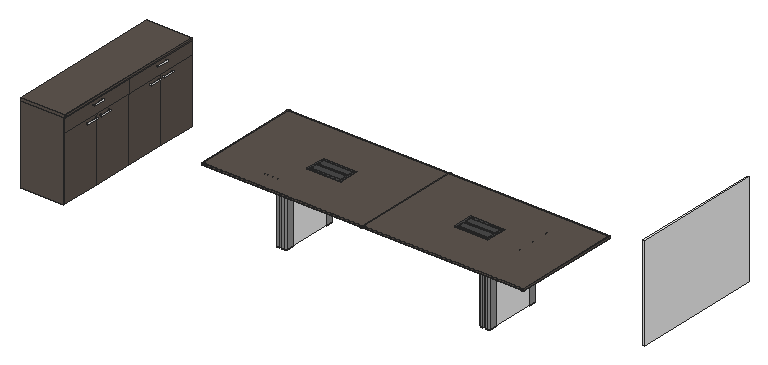
Revit family "T400150", category Furniture, Revit 2018
Family settings
  OmniClass Number = 23.40.20.00
  OmniClass Title = General Furniture and Specialties
  Work Plane-Based = No
  Always vertical = Yes
  Cut with Voids When Loaded = No
  Shared = No
  Room Calculation Point = No
Reference planes (in)
  plane 1 "Center Front/Back": y = 0
  plane 2: z = 0
  plane 3 "Center Left/Right": x = 0
Dimensions and locks (in)
  aligned and locked: level to plane 2
Nested families (in)
  nested 1: "FIRST OFFICE-INTERMIX-ELECTRICAL-POWER-SUPPLY_PS-37_PS-38" at (-39.16472, -20.00035, 0), type "FIRST OFFICE-INTERMIX-ELECTRICAL-PWR-SUPPLY_PS-37"
  nested 2: "FIRST OFFICE_INTERMIX_BUFFET_CREDENZA_CC-_7136BCC" at (-133.625, -0.62331, 0) x (0, 1, 0) z (0, 0, 1), type "INTERMIX-BUFFET-CREDENZA_CC-W7136BCC"
  nested 3: "FIRST OFFICE_INTERMIX_MEDIA_PANEL_WALLMOUNT_CC-_42__MP" at (130.375, -0.375, 0) x (0, -1, 0) z (0, 0, 1), type "INTERMIX-MEDIA-PANEL_CC-M4258MP"
  nested 4: "FIRST OFFICE_INTERMIX_BASES_METAL-END-CAP-PEDESTAL" at (0, -9.625, 0), type "INTERMIX-BASES-METAL END CAP PEDESTAL_CC-M10429PBTK"
  nested 5: "FIRST OFFICE_INTERMIX_TOPS_RECTANGULAR" at (0, 0, 0), type "INTERMIX-TOP-RECTANGULAR_CC-P14448RT"
  nested 6: "FIRST OFFICE-INTERMIX-ELECTRICAL-POWER-SUPPLY_PS-37_PS-38" at (39.16472, -20.00035, 0) x (-1, 0, 0) z (0, 0, 1), type "FIRST OFFICE-INTERMIX-ELECTRICAL-PWR-SUPPLY_PS-37"
Definition of nested family "FIRST OFFICE-INTERMIX-ELECTRICAL-POWER-SUPPLY_PS-37_PS-38"
  Parameters (values of type "FIRST OFFICE-INTERMIX-ELECTRICAL-PWR-SUPPLY_PS-38")
    URL = "http://www.firstoffice.com/products/tables/intermix"
    PS FINISH = none
    Model = ""
    Manufacturer = "FIRST OFFICE-INTERMIX"
    MODEL NUMBER = "PS-38"
    MANUFACTURERS' CODE = "FOF"
    ENVIRONMENTAL = "http://www.firstoffice.com/company/environment/"
    Description = "POWER SUPPLY NICKLE PS-38"
    CATALOG CODE = "FOF"
    Assembly Code = ""
  Types (2): name | MODEL NUMBER | Description
    FIRST OFFICE-INTERMIX-ELECTRICAL-PWR-SUPPLY_PS-38 | "PS-38" | "POWER SUPPLY NICKLE PS-38"
    FIRST OFFICE-INTERMIX-ELECTRICAL-PWR-SUPPLY_PS-37 | "PS-37" | "POWER SUPPLY BLACK PS-37"
  Reference planes (in)
    plane 1: z = 0
    plane 2 "Center Left/Right": x = 6.16472
    plane 3 "BACK": y = 20.00035
    plane 4 "SURFACE": z = 30
    plane 5: z = 30.125
  Forms (in)
    Extrusion 1, solid, material <- "PS FINISH"
      sketch origin (0, 0, 30) x (-1, 0, 0) y (0, -1, 0)
        loop
          line (1.33528, -15.50035) -> (-13.66472, -15.50035) -> (-13.66472, -24.50035) -> (1.33528, -24.50035) -> (1.33528, -15.50035)
        loop
          line (0.58528, -23.75035) -> (0.58528, -16.25035) -> (-12.91472, -16.25035) -> (-12.91472, -23.75035) -> (0.58528, -23.75035)
      from 0 to 0.125
    Extrusion 2, solid, material <- "PS FINISH"
      sketch origin (0, 0, 30) x (-1, 0, 0) y (0, -1, 0)
        loop
          line (0.58528, -23.75035) -> (0.58528, -16.25035) -> (-12.91472, -16.25035) -> (-12.91472, -23.75035) -> (0.58528, -23.75035)
      from 0 to 0.04
    Extrusion 3, solid, material <- "PS FINISH"
      sketch origin (0, 0, 30) x (-1, 0, 0) y (0, -1, 0)
        loop
          line (0.50604, -23.62815) -> (0.50604, -20.39492) -> (-12.77291, -20.39492) -> (-12.77291, -23.62815) -> (0.50604, -23.62815)
        loop
          line (0.50604, -16.37255) -> (-12.77291, -16.37255) -> (-12.77291, -19.60578) -> (0.50604, -19.60578) -> (0.50604, -16.37255)
      from 0.04 to 0.125
  Cuts and joins
    joined: Extrusion 1, Extrusion 2
  Lines and regions (in)
    Masking region 1
      outline origin (0, 0, 0) x (1, 0, 0) y (0, 1, 0)
        loop
          line (-1.33528, 24.50035) -> (-1.33528, 15.50035) -> (13.66472, 15.50035) -> (13.66472, 24.50035) -> (-1.33528, 24.50035)
    Masking region 2
      outline origin (0, 0, 0) x (1, 0, 0) y (0, 1, 0)
        loop
          line (-0.58528, 23.75035) -> (-0.58528, 16.25035) -> (12.91472, 16.25035) -> (12.91472, 23.75035) -> (-0.58528, 23.75035)
    Masking region 3
      outline origin (0, 0, 0) x (1, 0, 0) y (0, 1, 0)
        loop
          line (-0.50604, 23.62815) -> (-0.50604, 20.39492) -> (12.77291, 20.39492) -> (12.77291, 23.62815) -> (-0.50604, 23.62815)
        loop
          line (-0.50604, 16.37255) -> (12.77291, 16.37255) -> (12.77291, 19.60578) -> (-0.50604, 19.60578) -> (-0.50604, 16.37255)
  Dimensions and locks (in)
    aligned and locked: level to plane 1
    aligned and locked: Extrusion 1 to plane 5
    aligned and locked: Extrusion 3 to Extrusion 2
Definition of nested family "FIRST OFFICE_INTERMIX_BUFFET_CREDENZA_CC-_7136BCC"
  Parameters (values of type "INTERMIX-BUFFET-CREDENZA_CC-M7136BCC")
    URL = "http://www.firstoffice.com/products/tables/intermix"
    PULL = none
    CREDENZA WIDTH = 5' - 11"
    CREDENZA HEIGHT = 3' - 0"
    TOP CORE = none
    CREDENZA DEPTH = 1' - 8"
    DOORS = none
    DRAWERS = none
    Manufacturer = "FIRST OFFICE-INTERMIX"
    MODEL NUMBER = "CC-M7136BCC"
    MANUFACTURERS' CODE = "FOF"
    ENVIRONMENTAL = "http://www.firstoffice.com/company/environment/"
    END PNL = none
    EDGE SHAPE = none
    Description = "BUFFET CREDENZA 71\""
    CATALOG CODE = "FOF"
    BACK PNL = none
  Types (3): name | MODEL NUMBER
    (no name) | "CC-M7136BCC"
    INTERMIX-BUFFET-CREDENZA_CC-M7136BCC | "CC-M7136BCC"
    INTERMIX-BUFFET-CREDENZA_CC-W7136BCC | "CC-W7136BCC"
  Reference planes (in)
    plane 1 "Center Front/Back": y = 0
    plane 2: z = 0
    plane 3 "Center Left/Right": x = 0
    plane 4 "LEFT": x = -35.5
    plane 5 "RIGHT": x = 35.5
    plane 6 "SURFACE TOP": z = 36
    plane 7 "BASE HEIGHT": z = 34.875
    plane 8 "BACK": y = 10
    plane 9 "FRONT": y = -10
    plane 10: x = -34.75
    plane 11: x = 34.75
    plane 12: y = -9.25
    plane 13: y = 9.937
    plane 14: y = -9.1875
    plane 15: x = -0.0623
    plane 16: x = 0.0623
    plane 17: x = -35.4377
    plane 18: x = 35.4377
    plane 19: z = 29.062
    plane 20: z = 0.4375
    plane 21: x = -17.75
    plane 22: x = 17.75
    plane 23: x = -17.687
    plane 24: x = 17.78185
    plane 25: x = 17.65585
    plane 26: x = -17.813
    plane 27: z = 34.75
    plane 28: z = 29.187
    plane 29: z = 34
    plane 30: z = 33.5
    plane 31: z = 28.312
    plane 32: z = 27.812
  Forms (in)
    Extrusion 1, solid, material <- "TOP CORE"
      sketch origin (0, 0, 34.875) x (0, 1, 0) y (-1, 0, 0)
        loop
          line (10, 35.5) -> (-9.875, 35.5) -> (-9.875, -35.5) -> (10, -35.5) -> (10, 35.5)
      from 0 to 1.125
    Extrusion 2, solid, material <- "END PNL"
      sketch origin (0, 0, 0) x (1, 0, 0) y (0, 0, 1)
        loop
          line (-34.75, 34.875) -> (-35.5, 34.875) -> (-35.5, 0) -> (-34.75, 0) -> (-34.75, 34.875)
      from -10 to 9.25
    Extrusion 3, solid, material <- "END PNL"
      sketch origin (0, 0, 0) x (-1, 0, 0) y (0, 0, -1)
        loop
          line (-34.75, -34.875) -> (-34.75, 0) -> (-35.5, 0) -> (-35.5, -34.875) -> (-34.75, -34.875)
      from -10 to 9.25
    Extrusion 4, solid, material <- "BACK PNL"
      sketch origin (0, 24.86229, 0) x (0, -1, 0) y (0, 0, -1)
        loop
          line (15.67529, -34.875) -> (15.67529, 0) -> (14.92529, 0) -> (14.92529, -34.875) -> (15.67529, -34.875)
      from -34.75 to 34.75
    Extrusion 5, solid, material <- "BACK PNL"
      sketch origin (0, 0, 0) x (0, 1, 0) y (0, 0, 1)
        loop
          line (-9.1875, 0) -> (-8.4375, 0) -> (-8.4375, 1.5) -> (-9.1875, 1.5) -> (-9.1875, 0)
      from -34.75 to 34.75
    Extrusion 6, solid, material <- "END PNL"
      sketch origin (0, 0, -0.563) x (0, 1, 0) y (0, 0, 1)
        loop
          line (-9.25, 2.813) -> (-9.25, 2.063) -> (9.187, 2.063) -> (9.187, 2.813) -> (-9.25, 2.813)
      from -34.75 to 34.75
    Extrusion 7, solid, material <- "END PNL"
      sketch origin (0, 0, 24.75) x (0, 1, 0) y (0, 0, 1)
        loop
          line (-9.1875, 4.687) -> (-9.1875, 3.937) -> (9.187, 3.937) -> (9.187, 4.687) -> (-9.1875, 4.687)
      from -34.75 to -0.375
    Extrusion 8, solid, material <- "DOORS"
      sketch origin (0, 0, 0) x (1, 0, 0) y (0, 1, 0)
        loop
          line (-17.687, -9.25) -> (-17.687, -10) -> (-0.0623, -10) -> (-0.0623, -9.25) -> (-17.687, -9.25)
        loop
          line (17.65585, -9.25) -> (0.0623, -9.25) -> (0.0623, -10) -> (17.65585, -10) -> (17.65585, -9.25)
        loop
          line (-17.813, -9.25) -> (-35.4377, -9.25) -> (-35.4377, -10) -> (-17.813, -10) -> (-17.813, -9.25)
        loop
          line (17.78185, -9.25) -> (17.78185, -10) -> (35.4377, -10) -> (35.4377, -9.25) -> (17.78185, -9.25)
      from 0.4375 to 29.062
    Extrusion 9, solid, material <- "EDGE SHAPE"
      sketch origin (0, 0, 0) x (0, 1, 0) y (0, 0, 1)
        loop
          arc (-9.875, 36) -> (-9.96339, 35.96339) -> (-10, 35.875) r 0.125
          line (-10, 35.875) -> (-10, 35)
          arc (-10, 35) -> (-9.96339, 34.91161) -> (-9.875, 34.875) r 0.125
          line (-9.875, 34.875) -> (-9.875, 36)
      from -35.5 to 35.5
    Extrusion 10, solid, material <- "DRAWERS"
      sketch origin (0, 0, 34.875) x (0, 1, 0) y (-1, 0, 0)
        loop
          line (-9.25, 35.4377) -> (-10, 35.4377) -> (-10, 0.0623) -> (-9.25, 0.0623) -> (-9.25, 35.4377)
        loop
          line (-9.25, -35.4377) -> (-9.25, -0.0623) -> (-10, -0.0623) -> (-10, -35.4377) -> (-9.25, -35.4377)
      from -5.688 to -0.125
    Extrusion 11, solid, material <- "PULL"
      sketch origin (0, 0, 34.875) x (0, 1, 0) y (-1, 0, 0)
        loop
          line (-10, 15.125) -> (-10, 15.375) -> (-11, 15.375) -> (-11, 20.125) -> (-10, 20.125) -> (-10, 20.375) -> (-11.25, 20.375) -> (-11.25, 15.125) -> (-10, 15.125)
      from -1.375 to -0.875
    Extrusion 12, solid, material <- "PULL"
      sketch origin (-3.688, 0, 29.187) x (0, 1, 0) y (-1, 0, 0)
        loop
          line (-10, 15.125) -> (-10, 15.375) -> (-11, 15.375) -> (-11, 20.125) -> (-10, 20.125) -> (-10, 20.375) -> (-11.25, 20.375) -> (-11.25, 15.125) -> (-10, 15.125)
      from -1.375 to -0.875
    Extrusion 13, solid, material <- "PULL"
      sketch origin (0, 0, 34.875) x (0, 1, 0) y (-1, 0, 0)
        loop
          line (-10, -15.125) -> (-11.25, -15.125) -> (-11.25, -20.375) -> (-10, -20.375) -> (-10, -20.125) -> (-11, -20.125) -> (-11, -15.375) -> (-10, -15.375) -> (-10, -15.125)
      from -1.375 to -0.875
    Extrusion 14, solid, material <- "PULL"
      sketch origin (-31.812, 0, 29.187) x (0, 1, 0) y (-1, 0, 0)
        loop
          line (-10, -15.125) -> (-11.25, -15.125) -> (-11.25, -20.375) -> (-10, -20.375) -> (-10, -20.125) -> (-11, -20.125) -> (-11, -15.375) -> (-10, -15.375) -> (-10, -15.125)
      from -1.375 to -0.875
    Extrusion 15, solid, material <- "PULL"
      sketch origin (3.688, 0, 29.187) x (0, 1, 0) y (-1, 0, 0)
        loop
          line (-10, -15.125) -> (-11.25, -15.125) -> (-11.25, -20.375) -> (-10, -20.375) -> (-10, -20.125) -> (-11, -20.125) -> (-11, -15.375) -> (-10, -15.375) -> (-10, -15.125)
      from -1.375 to -0.875
    Extrusion 16, solid, material <- "PULL"
      sketch origin (31.812, 0, 29.187) x (0, 1, 0) y (-1, 0, 0)
        loop
          line (-10, 15.125) -> (-10, 15.375) -> (-11, 15.375) -> (-11, 20.125) -> (-10, 20.125) -> (-10, 20.375) -> (-11.25, 20.375) -> (-11.25, 15.125) -> (-10, 15.125)
      from -1.375 to -0.875
    Extrusion 17, solid, material <- "END PNL"
      sketch origin (0, 0, 0) x (1, 0, 0) y (0, 1, 0)
        loop
          line (-0.375, -9.1875) -> (0.375, -9.1875) -> (0.375, 9.187) -> (-0.375, 9.187) -> (-0.375, -9.1875)
      from 1.5 to 34.875
    Extrusion 18, solid, material <- "END PNL"
      sketch origin (0, 0, 24.75) x (0, 1, 0) y (0, 0, -1)
        loop
          line (-9.1875, -4.687) -> (9.187, -4.687) -> (9.187, -3.937) -> (-9.1875, -3.937) -> (-9.1875, -4.687)
      from -34.75 to -0.375
  Lines and regions (in)
    Masking region 1
      outline origin (0, 0, 0) x (1, 0, 0) y (0, 1, 0)
        loop
          line (-35.50169, 10.00168) -> (-35.50169, -10) -> (35.49831, -10) -> (35.49831, 10.00168) -> (-35.50169, 10.00168)
    Masking region 2
      outline origin (0, 0, 0) x (1, 0, 0) y (0, 1, 0)
        loop
          line (-20.375, -10) -> (-20.375, -11.25) -> (-15.125, -11.25) -> (-15.125, -10) -> (-15.375, -10) -> (-15.375, -11) -> (-20.125, -11) -> (-20.125, -10) -> (-20.375, -10)
    Masking region 3
      outline origin (0, 0, 0) x (1, 0, 0) y (0, 1, 0)
        loop
          line (-20.375, -11) -> (-23.813, -11) -> (-23.813, -10) -> (-24.063, -10) -> (-24.063, -11.25) -> (-20.375, -11.25) -> (-20.375, -11)
        loop
          line (-18.813, -10) -> (-19.063, -10) -> (-19.063, -11) -> (-18.813, -11) -> (-18.813, -10)
        loop
          line (-15.125, -11) -> (-15.125, -11.25) -> (-11.437, -11.25) -> (-11.437, -10) -> (-11.687, -10) -> (-11.687, -11) -> (-15.125, -11)
        loop
          line (-16.687, -10) -> (-16.687, -11) -> (-16.437, -11) -> (-16.437, -10) -> (-16.687, -10)
    Masking region 4
      outline origin (0, 0, 0) x (0, 1, 0) y (-1, 0, 0)
        loop
          line (-10, -20.375) -> (-10, -20.125) -> (-11, -20.125) -> (-11, -15.375) -> (-10, -15.375) -> (-10, -15.125) -> (-11.25, -15.125) -> (-11.25, -20.375) -> (-10, -20.375)
    Masking region 5
      outline origin (0, 0, 0) x (0, 1, 0) y (-1, 0, 0)
        loop
          line (-11, -20.375) -> (-11.25, -20.375) -> (-11.25, -24.063) -> (-10, -24.063) -> (-10, -23.813) -> (-11, -23.813) -> (-11, -20.375)
        loop
          line (-10, -18.813) -> (-11, -18.813) -> (-11, -19.063) -> (-10, -19.063) -> (-10, -18.813)
        loop
          line (-11, -15.125) -> (-11, -11.687) -> (-10, -11.687) -> (-10, -11.437) -> (-11.25, -11.437) -> (-11.25, -15.125) -> (-11, -15.125)
        loop
          line (-10, -16.687) -> (-10, -16.437) -> (-11, -16.437) -> (-11, -16.687) -> (-10, -16.687)
  Dimensions and locks (in)
    "CREDENZA WIDTH": plane 4 "LEFT" to plane 5 "RIGHT"
    equal spacing: plane 8 "BACK", plane 1 "Center Front/Back", plane 9 "FRONT"
    "CREDENZA HEIGHT": plane 6 "SURFACE TOP" to plane 2
    locked: Extrusion 4 sketch curve to Extrusion 4 sketch curve at 0.75
    locked: plane 6 "SURFACE TOP" to plane 7 "BASE HEIGHT" at 1.125
    locked: plane 4 "LEFT" to plane 10 at 0.75
    locked: plane 11 to plane 5 "RIGHT" at 0.75
    locked: plane 9 "FRONT" to plane 12 at 0.75
    locked: plane 8 "BACK" to plane 13 at 0.063
    "CREDENZA DEPTH": plane 8 "BACK" to plane 9 "FRONT"
    plane 15 to plane 3 "Center Left/Right" to plane 16 = 0' - 0.0623" locked, 0' - 0.0623" locked
    locked: plane 4 "LEFT" to plane 17 at 0.0623
    locked: plane 18 to plane 5 "RIGHT" at 0.0623
    locked: plane 14 to plane 12 at 0.0625
    locked: plane 20 to plane 2 at 0.4375
    locked: Extrusion 9 sketch curve to plane 9 "FRONT" at 0.125
    plane 26 to plane 21 to plane 23 = 0' - 0.063" locked, 0' - 0.063" locked
    plane 25 to plane 22 to plane 24 = 0' - 0.09415", 0' - 0.03185"
    equal spacing: plane 4 "LEFT", plane 21, plane 3 "Center Left/Right", plane 22, plane 5 "RIGHT"
    aligned and locked: Extrusion 1 to plane 7 "BASE HEIGHT"
    aligned and locked: plane 6 "SURFACE TOP" to Extrusion 1
    aligned and locked: plane 8 "BACK" to Extrusion 2
    aligned: plane 9 "FRONT" to Extrusion 2
    aligned and locked: plane 10 to Extrusion 2 sketch curve
    aligned and locked: Extrusion 2 sketch curve to plane 4 "LEFT"
    aligned and locked: Extrusion 3 sketch curve to plane 11
    aligned and locked: Extrusion 3 sketch curve to plane 5 "RIGHT"
    aligned and locked: Extrusion 4 sketch curve to plane 7 "BASE HEIGHT"
    aligned: plane 2 to Extrusion 4 sketch curve
    aligned: Extrusion 4 to plane 10
    aligned: Extrusion 4 to plane 11
    aligned: plane 12 to Extrusion 1
    aligned: plane 12 to Extrusion 3
    aligned: plane 12 to Extrusion 2
    aligned: plane 12 to Masking region 1
    aligned: plane 13 to Extrusion 4
    aligned and locked: plane 8 "BACK" to Extrusion 3
    aligned and locked: plane 14 to Extrusion 5 sketch curve
    aligned and locked: Extrusion 5 to plane 10
    aligned and locked: Extrusion 5 to plane 11
    aligned and locked: Extrusion 6 sketch curve to Extrusion 4
    aligned and locked: plane 12 to Extrusion 6 sketch curve
    aligned and locked: Extrusion 6 to plane 10
    aligned and locked: Extrusion 6 to plane 11
    aligned and locked: plane 15 to Extrusion 8 sketch curve
    aligned and locked: Extrusion 8 sketch curve to plane 16
    aligned and locked: plane 12 to Extrusion 8 sketch curve
    aligned and locked: Extrusion 8 sketch curve to plane 9 "FRONT"
    aligned and locked: Extrusion 8 sketch curve to plane 12
    aligned and locked: plane 9 "FRONT" to Extrusion 8 sketch curve
    aligned and locked: plane 19 to Extrusion 8
    aligned and locked: Extrusion 2 to plane 2
    aligned and locked: Extrusion 3 to plane 2
    aligned and locked: Extrusion 4 to plane 2
    aligned and locked: Extrusion 5 to plane 2
    aligned and locked: plane 20 to Extrusion 8
    aligned and locked: Extrusion 1 to Extrusion 9
    aligned and locked: Extrusion 9 to plane 4 "LEFT"
    aligned and locked: plane 5 "RIGHT" to Extrusion 9
    aligned: Extrusion 7 to plane 11
    aligned and locked: Extrusion 7 to plane 10
    aligned and locked: Extrusion 4 to plane 11
    aligned and locked: Extrusion 4 to plane 10
    aligned and locked: plane 17 to Extrusion 8 sketch curve
    aligned and locked: plane 26 to Extrusion 8 sketch curve
    aligned and locked: Extrusion 8 sketch curve to plane 23
    aligned and locked: Extrusion 8 sketch curve to plane 18
    aligned and locked: plane 24 to Extrusion 8 sketch curve
    aligned and locked: Extrusion 8 sketch curve to plane 25
    aligned and locked: plane 14 to Extrusion 7
    aligned and locked: plane 15 to Extrusion 10 sketch curve
    aligned and locked: Extrusion 10 sketch curve to plane 16
    aligned and locked: plane 18 to Extrusion 10 sketch curve
    aligned and locked: Extrusion 10 sketch curve to plane 17
    aligned and locked: Extrusion 10 to plane 28
    aligned and locked: plane 27 to Extrusion 10
    aligned and locked: plane 29 to Extrusion 11
    aligned and locked: plane 31 to Extrusion 12
    aligned and locked: Extrusion 17 to Extrusion 5
    aligned and locked: plane 9 "FRONT" to Masking region 1 sketch curve
    aligned and locked: plane 12 to Extrusion 3
    aligned and locked: plane 12 to Extrusion 2
  Automatic sketch dimensions
    Extrusion 1 sketch curve to plane 4 "LEFT" = 0' - 0"
    Extrusion 1 sketch curve to plane 5 "RIGHT" = 0' - 0"
    Extrusion 1 sketch curve to plane 8 "BACK" = 0' - 0"
    Extrusion 1 sketch curve to plane 9 "FRONT" = 0' - 0 1/8"
    Masking region 1 sketch curve to plane 4 "LEFT" = 0' - 0.00169"
    Masking region 1 sketch curve to plane 5 "RIGHT" = 0' - 0.00169"
    plane 8 "BACK" to Masking region 1 sketch curve = 0' - 0.00168"
    Extrusion 2 sketch curve to level = 0' - 0"
    Extrusion 2 sketch curve to plane 7 "BASE HEIGHT" = 0' - 0"
    Extrusion 3 sketch curve to level = 0' - 0"
    Extrusion 3 sketch curve to plane 7 "BASE HEIGHT" = 0' - 0"
    Extrusion 4 sketch curve to plane 13 = 0' - 0"
    Extrusion 5 sketch curve to level = 0' - 0"
    Extrusion 5 sketch curve to plane 14 = 0' - 0 3/4"
    plane 20 to Extrusion 5 sketch curve = 0' - 1 1/16"
    plane 20 to Extrusion 6 sketch curve = 0' - 1 1/16"
    Extrusion 6 sketch curve to Extrusion 6 sketch curve = 0' - 0 3/4"
    Extrusion 7 sketch curve to plane 14 = 0' - 0"
    Extrusion 7 sketch curve to plane 13 = 0' - 0 3/4"
    Extrusion 7 sketch curve to plane 19 = 0' - 0 3/8"
    plane 28 to Extrusion 7 sketch curve = 0' - 0 1/4"
    plane 9 "FRONT" to Extrusion 8 sketch curve = 0' - 0"  (x2)
    plane 12 to Extrusion 8 sketch curve = 0' - 0"  (x2)
    Extrusion 9 sketch curve to plane 9 "FRONT" = 0' - 0"
    Extrusion 9 sketch curve to plane 7 "BASE HEIGHT" = 0' - 0"
    Extrusion 9 sketch curve to plane 6 "SURFACE TOP" = 0' - 0"
    plane 9 "FRONT" to Extrusion 10 sketch curve = 0' - 0"  (x2)
    plane 12 to Extrusion 10 sketch curve = 0' - 0"  (x2)
    plane 9 "FRONT" to Extrusion 11 sketch curve = 0' - 0"  (x2)
    Extrusion 11 sketch curve to Extrusion 11 sketch curve = 0' - 1"
    Extrusion 11 sketch curve to Extrusion 11 sketch curve = 0' - 0 1/4"  (x3)
    plane 23 to Extrusion 11 sketch curve = 0' - 2.562"
    plane 26 to Extrusion 11 sketch curve = 0' - 2.312"
    plane 9 "FRONT" to Extrusion 12 sketch curve = 0' - 0"  (x2)
    Extrusion 12 sketch curve to Extrusion 12 sketch curve = 0' - 1"
    Extrusion 12 sketch curve to Extrusion 12 sketch curve = 0' - 0 1/4"  (x3)
    plane 26 to Extrusion 12 sketch curve = 0' - 1"
    Extrusion 12 sketch curve to Extrusion 12 sketch curve = 0' - 4 3/4"
    plane 9 "FRONT" to Extrusion 13 sketch curve = 0' - 0"  (x2)
    Extrusion 13 sketch curve to Extrusion 13 sketch curve = 0' - 1"
    Extrusion 13 sketch curve to Extrusion 13 sketch curve = 0' - 0 1/4"  (x3)
    Extrusion 13 sketch curve to plane 24 = 0' - 2.59315"
    Extrusion 13 sketch curve to plane 25 = 0' - 2.28085"
    plane 9 "FRONT" to Extrusion 14 sketch curve = 0' - 0"  (x2)
    Extrusion 14 sketch curve to Extrusion 14 sketch curve = 0' - 1"
    Extrusion 14 sketch curve to Extrusion 14 sketch curve = 0' - 0 1/4"  (x3)
    plane 23 to Extrusion 14 sketch curve = 0' - 6 1/4"
    plane 23 to Extrusion 14 sketch curve = 0' - 1 1/4"
    plane 9 "FRONT" to Extrusion 15 sketch curve = 0' - 0"  (x2)
    Extrusion 15 sketch curve to Extrusion 15 sketch curve = 0' - 1"
    Extrusion 15 sketch curve to Extrusion 15 sketch curve = 0' - 0 1/4"  (x3)
    Extrusion 15 sketch curve to plane 24 = 0' - 6.28115"
    Extrusion 15 sketch curve to plane 24 = 0' - 1.28115"
    plane 9 "FRONT" to Extrusion 16 sketch curve = 0' - 0"  (x2)
    Extrusion 16 sketch curve to Extrusion 16 sketch curve = 0' - 1"
    Extrusion 16 sketch curve to Extrusion 16 sketch curve = 0' - 0 1/4"  (x3)
    Extrusion 16 sketch curve to plane 25 = 0' - 0.96885"
    Extrusion 16 sketch curve to Extrusion 16 sketch curve = 0' - 4 3/4"
    plane 14 to Extrusion 17 sketch curve = 0' - 0"
    Extrusion 17 sketch curve to plane 15 = 0' - 0.3127"
    Extrusion 17 sketch curve to plane 16 = 0' - 0.3127"
    Extrusion 17 sketch curve to plane 13 = 0' - 0 3/4"
    Extrusion 18 sketch curve to plane 14 = 0' - 0"
    Extrusion 18 sketch curve to plane 13 = 0' - 0 3/4"
    plane 28 to Extrusion 18 sketch curve = 0' - 0 1/4"
    Extrusion 18 sketch curve to plane 19 = 0' - 0 3/8"
    plane 9 "FRONT" to Masking region 2 sketch curve = 0' - 0"  (x2)
    plane 26 to Masking region 2 sketch curve = 0' - 2.562"
    Masking region 2 sketch curve to Masking region 2 sketch curve = 0' - 0 1/4"  (x3)
    plane 9 "FRONT" to Masking region 2 sketch curve = 0' - 1"
    plane 23 to Masking region 2 sketch curve = 0' - 2.312"
    plane 9 "FRONT" to Masking region 3 sketch curve = 0' - 0"  (x4)
    plane 9 "FRONT" to Masking region 3 sketch curve = 0' - 1 1/4"
    plane 26 to Masking region 3 sketch curve = 0' - 6 1/4"
    Masking region 3 sketch curve to Masking region 3 sketch curve = 0' - 0 1/4"  (x5)
    plane 9 "FRONT" to Masking region 3 sketch curve = 0' - 1"  (x4)
    plane 26 to Masking region 3 sketch curve = 0' - 2.562"
    plane 26 to Masking region 3 sketch curve = 0' - 1 1/4"
    plane 23 to Masking region 3 sketch curve = 0' - 1"
    Masking region 3 sketch curve to Masking region 3 sketch curve = 0' - 1.312"
    Masking region 3 sketch curve to Masking region 3 sketch curve = 0' - 3.438"
    plane 9 "FRONT" to Masking region 4 sketch curve = 0' - 0"  (x2)
    plane 9 "FRONT" to Masking region 4 sketch curve = 0' - 1"
    Masking region 4 sketch curve to Masking region 4 sketch curve = 0' - 0 1/4"  (x3)
    Masking region 4 sketch curve to plane 24 = 0' - 2.59315"
    Masking region 4 sketch curve to plane 25 = 0' - 2.28085"
    plane 9 "FRONT" to Masking region 5 sketch curve = 0' - 0"  (x4)
    plane 9 "FRONT" to Masking region 5 sketch curve = 0' - 1"  (x4)
    Masking region 5 sketch curve to Masking region 5 sketch curve = 0' - 0 1/4"  (x6)
    Masking region 5 sketch curve to plane 24 = 0' - 6.28115"
    Masking region 5 sketch curve to plane 24 = 0' - 2.59315"
    Masking region 5 sketch curve to plane 24 = 0' - 1.28115"
    Masking region 5 sketch curve to plane 25 = 0' - 0.96885"
    Masking region 5 sketch curve to Masking region 5 sketch curve = 0' - 1.312"
    Masking region 5 sketch curve to Masking region 5 sketch curve = 0' - 3.438"
Definition of nested family "FIRST OFFICE_INTERMIX_MEDIA_PANEL_WALLMOUNT_CC-_42__MP"
  Parameters (values of type "INTERMIX-MEDIA-PANEL_CC-M4242MP")
    MEDIA PANEL = none
    URL = "http://www.firstoffice.com/products/tables/intermix"
    PANEL WIDTH = 3' - 6"
    Manufacturer = "FIRST OFFICE-INTERMIX"
    MODEL NUMBER = "CC-M4242MP"
    MANUFACTURERS' CODE = "FOF"
    ENVIRONMENTAL = "http://www.firstoffice.com/company/environment/"
    Description = "WALLMOUNT MEDIA PANEL 42\""
    CATALOG CODE = "FOF"
  Types (19): name | PANEL WIDTH | MODEL NUMBER | Description
    (no name) | 3' - 6" | "CC-M4242MP" | "WALLMOUNT MEDIA PANEL 42\""
    INTERMIX-MEDIA-PANEL_CC-M4216MP | 1' - 4" | "CC-M4216MP" | "WALLMOUNT MEDIA PANEL 16\""
    INTERMIX-MEDIA-PANEL_CC-M4232MP | 2' - 8" | "CC-M4232MP" | "WALLMOUNT MEDIA PANEL 32\""
    INTERMIX-MEDIA-PANEL_CC-M4237MP | 3' - 1" | "CC-M4237MP" | "WALLMOUNT MEDIA PANEL 37\""
    INTERMIX-MEDIA-PANEL_CC-M4240MP | 3' - 4" | "CC-M4240MP" | "WALLMOUNT MEDIA PANEL 40\""
    INTERMIX-MEDIA-PANEL_CC-M4242MP | 3' - 6" | "CC-M4242MP" | "WALLMOUNT MEDIA PANEL 42\""
    INTERMIX-MEDIA-PANEL_CC-M4246MP | 3' - 10" | "CC-M4246MP" | "WALLMOUNT MEDIA PANEL 46\""
    INTERMIX-MEDIA-PANEL_CC-M4252MP | 4' - 4" | "CC-M4252MP" | "WALLMOUNT MEDIA PANEL 52\""
    INTERMIX-MEDIA-PANEL_CC-M4258MP | 4' - 10" | "CC-M4258MP" | "WALLMOUNT MEDIA PANEL 58\""
    INTERMIX-MEDIA-PANEL_CC-W4216MP | 1' - 4" | "CC-W4216MP" | "WALLMOUNT MEDIA PANEL 16\""
    INTERMIX-MEDIA-PANEL_CC-W4232MP | 2' - 8" | "CC-W4232MP" | "WALLMOUNT MEDIA PANEL 32\""
    INTERMIX-MEDIA-PANEL_CC-W4237MP | 3' - 1" | "CC-W4237MP" | "WALLMOUNT MEDIA PANEL 37\""
    INTERMIX-MEDIA-PANEL_CC-W4240MP | 3' - 4" | "CC-W4240MP" | "WALLMOUNT MEDIA PANEL 40\""
    INTERMIX-MEDIA-PANEL_CC-W4242MP | 3' - 6" | "CC-W4242MP" | "WALLMOUNT MEDIA PANEL 42\""
    INTERMIX-MEDIA-PANEL_CC-W4246MP | 3' - 10" | "CC-W4246MP" | "WALLMOUNT MEDIA PANEL 46\""
    INTERMIX-MEDIA-PANEL_CC-W4252MP | 4' - 4" | "CC-W4252MP" | "WALLMOUNT MEDIA PANEL 52\""
    INTERMIX-MEDIA-PANEL_CC-W4258MP | 4' - 10" | "CC-W4258MP" | "WALLMOUNT MEDIA PANEL 58\""
    INTERMIX-MEDIA-PANEL_CC-W4265MP | 5' - 5" | "CC-W4265MP" | "WALLMOUNT MEDIA PANEL 65\""
    INTERMIX-MEDIA-PANEL_CC-W4270MP | 5' - 10" | "CC-W4270MP" | "WALLMOUNT MEDIA PANEL 70\""
  Reference planes (in)
    plane 1 "BACK": y = 0
    plane 2: z = 0
    plane 3 "Center Left/Right": x = 0
    plane 4 "LEFT": x = -21
    plane 5 "RIGHT": x = 21
    plane 6 "FRONT": y = -0.75
    plane 7: z = 30
    plane 8: z = 72
  Forms (in)
    Extrusion 1, solid, material <- "MEDIA PANEL"
      sketch origin (0, 0, 0) x (1, 0, 0) y (0, 0, 1)
        loop
          line (-21, 72) -> (-21, 30) -> (21, 30) -> (21, 72) -> (-21, 72)
      from 0 to 0.75
  Lines and regions (in)
    Masking region 1
      outline origin (0, 0, 0) x (1, 0, 0) y (0, 1, 0)
        loop
          line (-21, 0) -> (-21, -0.75) -> (21, -0.75) -> (21, 0) -> (-21, 0)
  Dimensions and locks (in)
    equal spacing: plane 4 "LEFT", plane 3 "Center Left/Right", plane 5 "RIGHT"
    "PANEL WIDTH": plane 4 "LEFT" to plane 5 "RIGHT"
    locked: plane 7 to plane 2 at 30
    locked: plane 1 "BACK" to plane 6 "FRONT" at 0.75
    locked: plane 8 to plane 7 at 42
    aligned and locked: Masking region 1 sketch curve to plane 4 "LEFT"
    aligned and locked: plane 5 "RIGHT" to Masking region 1 sketch curve
    aligned and locked: Extrusion 1 to plane 4 "LEFT"
    aligned and locked: plane 5 "RIGHT" to Extrusion 1
    aligned and locked: plane 6 "FRONT" to Extrusion 1
    aligned and locked: Extrusion 1 to plane 7
    aligned and locked: plane 8 to Extrusion 1
  Automatic sketch dimensions
    plane 6 "FRONT" to Masking region 1 sketch curve = 0' - 0"
    plane 1 "BACK" to Masking region 1 sketch curve = 0' - 0"
    Extrusion 1 sketch curve to plane 3 "Center Left/Right" = 1' - 9"
    plane 3 "Center Left/Right" to Extrusion 1 sketch curve = 1' - 9"
    Extrusion 1 sketch curve to plane 8 = 0' - 0"
    plane 7 to Extrusion 1 sketch curve = 0' - 0"
Definition of nested family "FIRST OFFICE_INTERMIX_BASES_METAL-END-CAP-PEDESTAL"
  Parameters (values of type "INTERMIX-BASES-METAL END CAP PEDESTAL_CC-M8029PBTK")
    URL = "http://www.firstoffice.com/products/tables/intermix"
    BASE WIDTH = 6' - 8"
    Manufacturer = "FIRST OFFICE-INTERMIX"
    MODEL NUMBER = "CC-M8029PBTK"
    MANUFACTURERS' CODE = "FOF"
    ENVIRONMENTAL = "http://www.firstoffice.com/company/environment/"
    Description = "METAL END CAP PEDESTAL BASE 80\""
    CATALOG CODE = "FOF"
    BASE FINISH = none
  Types (9): name | BASE WIDTH | MODEL NUMBER | Description
    (no name) | 6' - 8" | "CC-M8029PBTK" | "METAL END CAP PEDESTAL BASE 80\""
    INTERMIX-BASES-METAL END CAP PEDESTAL_CC-M8029PBTK | 6' - 8" | "CC-M8029PBTK" | "METAL END CAP PEDESTAL BASE 80\""
    INTERMIX-BASES-METAL END CAP PEDESTAL_CC-M10429PBTK | 8' - 8" | "CC-M10429PBTK" | "METAL END CAP PEDESTAL BASE 104\""
    INTERMIX-BASES-METAL END CAP PEDESTAL_CC-M12829PBTK | 10' - 8" | "CC-M12829PBTK" | "METAL END CAP PEDESTAL BASE 128\""
    INTERMIX-BASES-METAL END CAP PEDESTAL_CC-M15229PBTK | 12' - 8" | "CC-M15229PBTK" | "METAL END CAP PEDESTAL BASE 152\""
    INTERMIX-BASES-METAL END CAP PEDESTAL_CC-W8029PBTK | 6' - 8" | "CC-W8029PBTK" | "METAL END CAP PEDESTAL BASE 80\""
    INTERMIX-BASES-METAL END CAP PEDESTAL_CC-W10429PBTK | 8' - 8" | "CC-W10429PBTK" | "METAL END CAP PEDESTAL BASE 104\""
    INTERMIX-BASES-METAL END CAP PEDESTAL_CC-W12829PBTK | 10' - 8" | "CC-W12829PBTK" | "METAL END CAP PEDESTAL BASE 128\""
    INTERMIX-BASES-METAL END CAP PEDESTAL_CC-W15229PBTK | 12' - 8" | "CC-W15229PBTK" | "METAL END CAP PEDESTAL BASE 152\""
  Reference planes (in)
    plane 1: z = 0
    plane 2 "Center Left/Right": x = 0
    plane 3 "BASE HEIGHT": z = 28.8125
    plane 4: z = 28.0625
    plane 5: y = 9.625
    plane 6: y = 24.125
    plane 7: y = -4.875
    plane 8: y = 18
    plane 9: y = 1.25
    plane 10: z = 20.0625
    plane 11: x = 40
    plane 12: x = 27
    plane 13: x = -40
    plane 14: x = -27
    plane 15: x = 35.25
    plane 16: x = -35.25
  Forms (in)
    Sweep 1, solid, material <- "BASE FINISH"
      path origin (0, 0, 28.8125) x (0, 1, 0) y (-1, 0, 0)
        loop
          line (24.125, -27) -> (24.125, -40) -> (-4.875, -40) -> (-4.875, -27)
      profile origin (40, 9.625, 28.8125) x (1, 0, 0) y (0, 0, 1)
        loop
          line (0, 0) -> (-0.5, 0) -> (-0.5, -0.75)
          arc (-0.5, -0.75) -> (-0.14645, -0.60355) -> (0, -0.25) r 0.5
          line (0, -0.25) -> (0, 0)
    Extrusion 2, solid, material <- "BASE FINISH"
      sketch origin (0, 0, 28.8125) x (0, 1, 0) y (-1, 0, 0)
        loop
          line (1.25, -27) -> (-4.375, -27) -> (-4.375, -39.5) -> (23.625, -39.5) -> (23.625, -27) -> (18, -27) -> (18, -35.25) -> (1.25, -35.25) -> (1.25, -27)
      from -0.75 to 0
    Sweep 3, solid, material <- "BASE FINISH"
      path origin (0, 0, 28.8125) x (0, 1, 0) y (1, 0, 0)
        loop
          line (24.125, -27) -> (24.125, -40) -> (-4.875, -40) -> (-4.875, -27)
      profile origin (-40, 9.625, 28.8125) x (1, 0, 0) y (0, 0, 1)
        loop
          line (0, 0) -> (0, -0.25)
          arc (0, -0.25) -> (0.14645, -0.60355) -> (0.5, -0.75) r 0.5
          line (0.5, -0.75) -> (0.5, 0) -> (0, 0)
    Extrusion 4, solid, material <- "BASE FINISH"
      sketch origin (0, 0, 28.8125) x (0, 1, 0) y (-1, 0, 0)
        loop
          line (1.25, 27) -> (1.25, 35.25) -> (18, 35.25) -> (18, 27) -> (23.625, 27) -> (23.625, 39.5) -> (-4.375, 39.5) -> (-4.375, 27) -> (1.25, 27)
      from -0.75 to 0
    Extrusion 5, solid, material <- "BASE FINISH"
      sketch origin (0, 0, 0) x (0, 1, 0) y (0, 0, 1)
        loop
          line (1.25, 28.8125) -> (1.25, 20.0625) -> (1.8125, 20.0625) -> (1.8125, 20.68747) -> (1.9375, 20.68747) -> (1.9375, 20.31247) -> (2.18747, 20.0625) -> (2.93753, 20.0625) -> (3.1875, 20.31247) -> (3.1875, 28.8125) -> (1.25, 28.8125)
      from 0 to 35.25
    Extrusion 6, solid, material <- "BASE FINISH"
      sketch origin (0, 19.25, 0) x (0, -1, 0) y (0, 0, -1)
        loop
          line (1.25, -28.8125) -> (3.1875, -28.8125) -> (3.1875, -20.31247) -> (2.93753, -20.0625) -> (2.18747, -20.0625) -> (1.9375, -20.31247) -> (1.9375, -20.68747) -> (1.8125, -20.68747) -> (1.8125, -20.0625) -> (1.25, -20.0625) -> (1.25, -28.8125)
      from 0 to 35.25
    Extrusion 7, solid, material <- "BASE FINISH"
      sketch origin (0, 0, 0) x (0, 1, 0) y (0, 0, -1)
        loop
          line (1.25, -28.8125) -> (3.1875, -28.8125) -> (3.1875, -20.31247) -> (2.93753, -20.0625) -> (2.18747, -20.0625) -> (1.9375, -20.31247) -> (1.9375, -20.68747) -> (1.8125, -20.68747) -> (1.8125, -20.0625) -> (1.25, -20.0625) -> (1.25, -28.8125)
      from 0 to 35.25
    Extrusion 8, solid, material <- "BASE FINISH"
      sketch origin (0, 19.25, 0) x (0, -1, 0) y (0, 0, 1)
        loop
          line (1.25, 28.8125) -> (1.25, 20.0625) -> (1.8125, 20.0625) -> (1.8125, 20.68747) -> (1.9375, 20.68747) -> (1.9375, 20.31247) -> (2.18747, 20.0625) -> (2.93753, 20.0625) -> (3.1875, 20.31247) -> (3.1875, 28.8125) -> (1.25, 28.8125)
      from 0 to 35.25
    Extrusion 9, solid, material <- "BASE FINISH"
      sketch origin (23.90625, 9.625, 0) x (0, -1, 0) y (1, 0, 0)
        loop
          line (-9.46875, 12.09375) -> (-9.46875, 11.34375) -> (9.46875, 11.34375) -> (9.46875, 12.09375) -> (-9.46875, 12.09375)
      from 0.25 to 28.0625
    Extrusion 10, solid
      sketch origin (23.90625, 12.09375, 0) x (0, 1, 0) y (-1, 0, 0)
        loop
          line (6, -11.34375) -> (7, -11.34375) -> (7, -12.125) -> (9.75, -12.125) -> (10.5, -11.375) -> (10.5, -10.125) -> (10, -10.125) -> (10, -9.125) -> (10.5, -9.125) -> (10.5, -7.875) -> (9.75, -7.125) -> (7, -7.125) -> (7, -7.90625) -> (6, -7.90625) -> (6, -11.34375)
      from 0.25 to 28.0625
    Extrusion 11, solid
      sketch origin (23.90625, 12.09375, 0) x (0, 1, 0) y (-1, 0, 0)
        loop
          line (6.0313, -11.31245) -> (7.0313, -11.31245) -> (7.0313, -12.0937) -> (9.73704, -12.0937) -> (10.4687, -11.36204) -> (10.4687, -10.1563) -> (9.9687, -10.1563) -> (9.9687, -9.0937) -> (10.4687, -9.0937) -> (10.4687, -7.88796) -> (9.73704, -7.1563) -> (7.0313, -7.1563) -> (7.0313, -7.93755) -> (6.0313, -7.93755) -> (6.0313, -11.31245)
      from 0 to 0.25
    Extrusion 12, solid, material <- "BASE FINISH"
      sketch origin (43.15625, 9.625, 0) x (0, -1, 0) y (1, 0, 0)
        loop
          line (-9.46875, -12.09375) -> (9.46875, -12.09375) -> (9.46875, -11.34375) -> (-9.46875, -11.34375) -> (-9.46875, -12.09375)
      from 0.25 to 20.0625
    Extrusion 13, solid
      sketch origin (23.90625, 7.15625, 0) x (0, -1, 0) y (1, 0, 0)
        loop
          line (6, 11.34375) -> (6, 7.90625) -> (7, 7.90625) -> (7, 7.125) -> (9.75, 7.125) -> (10.5, 7.875) -> (10.5, 9.125) -> (10, 9.125) -> (10, 10.125) -> (10.5, 10.125) -> (10.5, 11.375) -> (9.75, 12.125) -> (7, 12.125) -> (7, 11.34375) -> (6, 11.34375)
      from 0.25 to 28.0625
    Extrusion 14, solid
      sketch origin (23.90625, 7.15625, 0) x (0, -1, 0) y (1, 0, 0)
        loop
          line (6.0313, 11.31245) -> (6.0313, 7.93755) -> (7.0313, 7.93755) -> (7.0313, 7.1563) -> (9.73704, 7.1563) -> (10.4687, 7.88796) -> (10.4687, 9.0937) -> (9.9687, 9.0937) -> (9.9687, 10.1563) -> (10.4687, 10.1563) -> (10.4687, 11.36204) -> (9.73704, 12.0937) -> (7.0313, 12.0937) -> (7.0313, 11.31245) -> (6.0313, 11.31245)
      from 0 to 0.25
    Extrusion 15, solid, material <- "BASE FINISH"
      sketch origin (0, 0, 0) x (1, 0, 0) y (0, 1, 0)
        loop
          line (31.0625, 0.15625) -> (31.8125, 0.15625) -> (31.8125, 1.25) -> (31.0625, 1.25) -> (31.0625, 0.15625)
        loop
          line (31.0625, 19.09375) -> (31.0625, 18) -> (31.8125, 18) -> (31.8125, 19.09375) -> (31.0625, 19.09375)
      from 20.0625 to 28.0625
    Extrusion 16, solid, material <- "BASE FINISH"
      sketch origin (-23.90625, 9.625, 0) x (0, -1, 0) y (1, 0, 0)
        loop
          line (-9.46875, -12.09375) -> (9.46875, -12.09375) -> (9.46875, -11.34375) -> (-9.46875, -11.34375) -> (-9.46875, -12.09375)
      from 0.25 to 28.0625
    Extrusion 17, solid
      sketch origin (-23.90625, 12.09375, 0) x (0, 1, 0) y (-1, 0, 0)
        loop
          line (6, 11.34375) -> (6, 7.90625) -> (7, 7.90625) -> (7, 7.125) -> (9.75, 7.125) -> (10.5, 7.875) -> (10.5, 9.125) -> (10, 9.125) -> (10, 10.125) -> (10.5, 10.125) -> (10.5, 11.375) -> (9.75, 12.125) -> (7, 12.125) -> (7, 11.34375) -> (6, 11.34375)
      from 0.25 to 28.0625
    Extrusion 18, solid
      sketch origin (-23.90625, 12.09375, 0) x (0, 1, 0) y (-1, 0, 0)
        loop
          line (6.0313, 11.31245) -> (6.0313, 7.93755) -> (7.0313, 7.93755) -> (7.0313, 7.1563) -> (9.73704, 7.1563) -> (10.4687, 7.88796) -> (10.4687, 9.0937) -> (9.9687, 9.0937) -> (9.9687, 10.1563) -> (10.4687, 10.1563) -> (10.4687, 11.36204) -> (9.73704, 12.0937) -> (7.0313, 12.0937) -> (7.0313, 11.31245) -> (6.0313, 11.31245)
      from 0 to 0.25
    Extrusion 19, solid, material <- "BASE FINISH"
      sketch origin (-43.15625, 9.625, 0) x (0, -1, 0) y (1, 0, 0)
        loop
          line (-9.46875, 12.09375) -> (-9.46875, 11.34375) -> (9.46875, 11.34375) -> (9.46875, 12.09375) -> (-9.46875, 12.09375)
      from 0.25 to 20.0625
    Extrusion 20, solid
      sketch origin (-23.90625, 7.15625, 0) x (0, -1, 0) y (1, 0, 0)
        loop
          line (6, -11.34375) -> (7, -11.34375) -> (7, -12.125) -> (9.75, -12.125) -> (10.5, -11.375) -> (10.5, -10.125) -> (10, -10.125) -> (10, -9.125) -> (10.5, -9.125) -> (10.5, -7.875) -> (9.75, -7.125) -> (7, -7.125) -> (7, -7.90625) -> (6, -7.90625) -> (6, -11.34375)
      from 0.25 to 28.0625
    Extrusion 21, solid
      sketch origin (-23.90625, 7.15625, 0) x (0, -1, 0) y (1, 0, 0)
        loop
          line (6.0313, -11.31245) -> (7.0313, -11.31245) -> (7.0313, -12.0937) -> (9.73704, -12.0937) -> (10.4687, -11.36204) -> (10.4687, -10.1563) -> (9.9687, -10.1563) -> (9.9687, -9.0937) -> (10.4687, -9.0937) -> (10.4687, -7.88796) -> (9.73704, -7.1563) -> (7.0313, -7.1563) -> (7.0313, -7.93755) -> (6.0313, -7.93755) -> (6.0313, -11.31245)
      from 0 to 0.25
    Extrusion 22, solid
      sketch origin (0, 0, 0) x (-1, 0, 0) y (0, -1, 0)
        loop
          line (31.0625, -0.15625) -> (31.0625, -1.25) -> (31.8125, -1.25) -> (31.8125, -0.15625) -> (31.0625, -0.15625)
        loop
          line (31.0625, -19.09375) -> (31.8125, -19.09375) -> (31.8125, -18) -> (31.0625, -18) -> (31.0625, -19.09375)
      from 20.0625 to 28.0625
  Cuts and joins
    joined: Sweep 1, Extrusion 2
    joined: Sweep 3, Extrusion 4
    joined: Extrusion 12, Extrusion 15
  Lines and regions (in)
    Masking region 1
      outline origin (0, 0, 0) x (1, 0, 0) y (0, 1, 0)
        loop
          line (27, 18) -> (35.25, 18) -> (35.25, 1.25) -> (27, 1.25) -> (27, -4.875) -> (40, -4.875) -> (40, 24.125) -> (27, 24.125) -> (27, 18)
    Masking region 2
      outline origin (0, 0, 0) x (1, 0, 0) y (0, 1, 0)
        loop
          line (-27, 18) -> (-27, 24.125) -> (-40, 24.125) -> (-40, -4.875) -> (-27, -4.875) -> (-27, 1.25) -> (-35.25, 1.25) -> (-35.25, 18) -> (-27, 18)
    Masking region 3
      outline origin (0, 0, 0) x (1, 0, 0) y (0, 1, 0)
        loop
          line (0, 18) -> (0, 16.0625) -> (35.25, 16.0625) -> (35.25, 18) -> (0, 18)
    Masking region 4
      outline origin (0, 0, 0) x (1, 0, 0) y (0, 1, 0)
        loop
          line (-35.25, 18) -> (-35.25, 16.0625) -> (0, 16.0625) -> (0, 18) -> (-35.25, 18)
    Masking region 5
      outline origin (0, 19.25, 0) x (0, -1, 0) y (1, 0, 0)
        loop
          line (18, 0) -> (18, 35.25) -> (16.0625, 35.25) -> (16.0625, 0) -> (18, 0)
    Masking region 6
      outline origin (0, 19.25, 0) x (0, -1, 0) y (1, 0, 0)
        loop
          line (18, -35.25) -> (18, 0) -> (16.0625, 0) -> (16.0625, -35.25) -> (18, -35.25)
    Masking region 7
      outline origin (0, 0, 0) x (1, 0, 0) y (0, 1, 0)
        loop
          line (36, 19.09375) -> (36.03125, 19.09375) -> (36.03125, 21.84375) -> (35.28125, 22.59375) -> (34.03125, 22.59375) -> (34.03125, 22.09375) -> (33.03125, 22.09375) -> (33.03125, 22.59375) -> (31.78125, 22.59375) -> (31.03125, 21.84375) -> (31.03125, 19.09375) -> (31.0625, 19.09375) -> (31.0625, 18) -> (35.25, 18) -> (35.25, 1.25) -> (31.0625, 1.25) -> (31.0625, 0.15625) -> (31.03125, 0.15625) -> (31.03125, -2.59375) -> (31.78125, -3.34375) -> (33.03125, -3.34375) -> (33.03125, -2.84375) -> (34.03125, -2.84375) -> (34.03125, -3.34375) -> (35.28125, -3.34375) -> (36.03125, -2.59375) -> (36.03125, 0.15625) -> (36, 0.15625) -> (36, 19.09375)
    Masking region 8
      outline origin (0, 0, 0) x (0, 1, 0) y (-1, 0, 0)
        loop
          line (19.09375, 36) -> (0.15625, 36) -> (0.15625, 36.03125) -> (-2.59375, 36.03125) -> (-3.34375, 35.28125) -> (-3.34375, 34.03125) -> (-2.84375, 34.03125) -> (-2.84375, 33.03125) -> (-3.34375, 33.03125) -> (-3.34375, 31.78125) -> (-2.59375, 31.03125) -> (0.15625, 31.03125) -> (0.15625, 31.0625) -> (1.25, 31.0625) -> (1.25, 35.25) -> (18, 35.25) -> (18, 31.0625) -> (19.09375, 31.0625) -> (19.09375, 31.03125) -> (21.84375, 31.03125) -> (22.59375, 31.78125) -> (22.59375, 33.03125) -> (22.09375, 33.03125) -> (22.09375, 34.03125) -> (22.59375, 34.03125) -> (22.59375, 35.28125) -> (21.84375, 36.03125) -> (19.09375, 36.03125) -> (19.09375, 36)
  Dimensions and locks (in)
    locked: plane 3 "BASE HEIGHT" to plane 1 at 28.8125
    locked: plane 3 "BASE HEIGHT" to plane 4 at 0.75
    locked: plane 4 to plane 10 at 8
    "BASE WIDTH": plane 13 to plane 11
    equal spacing: plane 13, plane 2 "Center Left/Right", plane 11
    locked: plane 12 to plane 11 at 13
    locked: plane 14 to plane 13 at 13
    locked: Extrusion 9 sketch curve to Extrusion 9 sketch curve at 0.75
    locked: Extrusion 12 sketch curve to Extrusion 12 sketch curve at 0.75
    plane 7 to plane 5 to plane 6 = 1' - 2 1/2" locked, 1' - 2 1/2" locked
    locked: plane 15 to plane 11 at 4.75
    plane 8 to plane 5 to plane 9 = 0' - 8 3/8" locked, 0' - 8 3/8" locked
    locked: Extrusion 16 sketch curve to Extrusion 16 sketch curve at 0.75
    locked: Extrusion 19 sketch curve to Extrusion 19 sketch curve at 0.75
    locked: plane 13 to plane 16 at 4.75
    aligned and locked: plane 3 "BASE HEIGHT" to Sweep 1
    aligned and locked: Sweep 1 to plane 4
    aligned and locked: Extrusion 2 to plane 4
    aligned and locked: plane 3 "BASE HEIGHT" to Extrusion 2
    aligned and locked: plane 6 to cut or joined group of Sweep 1, Extrusion 2
    aligned and locked: plane 7 to cut or joined group of Sweep 1, Extrusion 2
    aligned and locked: plane 8 to cut or joined group of Sweep 1, Extrusion 2
    aligned and locked: plane 9 to cut or joined group of Sweep 1, Extrusion 2
    aligned and locked: plane 13 to Sweep 3
    aligned and locked: Extrusion 5 to plane 2 "Center Left/Right"
    aligned and locked: plane 2 "Center Left/Right" to Extrusion 7
    aligned and locked: plane 2 "Center Left/Right" to Extrusion 8
    aligned and locked: Extrusion 6 to plane 2 "Center Left/Right"
    aligned and locked: Masking region 3 sketch curve to plane 2 "Center Left/Right"
    aligned and locked: plane 2 "Center Left/Right" to Masking region 4
    aligned and locked: Extrusion 9 sketch curve to Extrusion 10  (x2)
    aligned and locked: Extrusion 9 to Extrusion 10  (x2)
    aligned and locked: Extrusion 9 to Extrusion 13
    aligned and locked: Extrusion 12 to Extrusion 13
    aligned and locked: Extrusion 12 to Extrusion 10  (x2)
    aligned and locked: plane 15 to cut or joined group of Sweep 1, Extrusion 2
    aligned and locked: plane 4 to Extrusion 13
    aligned and locked: plane 4 to Extrusion 10
    aligned and locked: plane 10 to Extrusion 12
    aligned and locked: plane 15 to Extrusion 6
    aligned and locked: plane 15 to Extrusion 5
    aligned and locked: plane 4 to Extrusion 15
    aligned and locked: Extrusion 15 to plane 10
    aligned and locked: Extrusion 16 sketch curve to Extrusion 17  (x2)
    aligned and locked: Extrusion 17 to Extrusion 16  (x2)
    aligned and locked: Extrusion 20 to Extrusion 16
    aligned and locked: Extrusion 20 to Extrusion 19
    aligned and locked: Extrusion 17 to Extrusion 19  (x2)
    aligned and locked: plane 16 to Extrusion 7
    aligned and locked: plane 16 to Extrusion 8
  Automatic sketch dimensions
    plane 7 to Sweep 1 sketch curve = 0' - 0"
    plane 6 to Sweep 1 sketch curve = 0' - 0"
    Sweep 1 sketch curve to plane 11 = 0' - 0"
    Sweep 1 sketch curve to plane 12 = 0' - 0"  (x2)
    Sweep 1 sketch curve to plane 3 "BASE HEIGHT" = 0' - 0"
    profile plane to Sweep 1 sketch curve = 0' - 0"
    profile plane to Sweep 1 sketch curve = 0' - 0 1/2"
    Sweep 1 sketch curve to Sweep 1 sketch curve = 0' - 0 1/4"
    Extrusion 2 sketch curve to plane 12 = 0' - 0"  (x2)
    Extrusion 2 sketch curve to plane 9 = 0' - 0"
    plane 8 to Extrusion 2 sketch curve = 0' - 0"
    Extrusion 2 sketch curve to plane 15 = 0' - 0"
    Extrusion 2 sketch curve to plane 7 = 0' - 0 1/2"
    plane 6 to Extrusion 2 sketch curve = 0' - 0 1/2"
    Extrusion 2 sketch curve to plane 11 = 0' - 0 1/2"
    plane 7 to Sweep 3 sketch curve = 0' - 0"
    plane 6 to Sweep 3 sketch curve = 0' - 0"
    Sweep 3 sketch curve to plane 13 = 0' - 0"
    Sweep 3 sketch curve to plane 14 = 0' - 0"  (x2)
    Sweep 3 sketch curve to plane 3 "BASE HEIGHT" = 0' - 0"
    profile plane to Sweep 3 sketch curve = 0' - 0"
    Sweep 3 sketch curve to profile plane = 0' - 0 1/2"
    Sweep 3 sketch curve to Sweep 3 sketch curve = 0' - 0 1/4"
    Extrusion 4 sketch curve to plane 14 = 0' - 0"  (x2)
    Extrusion 4 sketch curve to plane 9 = 0' - 0"
    plane 8 to Extrusion 4 sketch curve = 0' - 0"
    Extrusion 4 sketch curve to plane 16 = 0' - 0"
    plane 7 to Extrusion 4 sketch curve = 0' - 0 1/2"
    Extrusion 4 sketch curve to plane 6 = 0' - 0 1/2"
    plane 13 to Extrusion 4 sketch curve = 0' - 0 1/2"
    Extrusion 5 sketch curve to plane 3 "BASE HEIGHT" = 0' - 0"
    Extrusion 5 sketch curve to plane 9 = 0' - 0"
    Extrusion 5 sketch curve to plane 10 = 0' - 0"  (x2)
    plane 9 to Extrusion 5 sketch curve = 0' - 0 9/16"
    Extrusion 5 sketch curve to Extrusion 5 sketch curve = 0' - 0 1/8"
    Extrusion 5 sketch curve to Extrusion 5 sketch curve = 0' - 0.24997"
    Extrusion 5 sketch curve to Extrusion 5 sketch curve = 0' - 0.75007"
    plane 9 to Extrusion 5 sketch curve = 0' - 1 15/16"
    plane 10 to Extrusion 5 sketch curve = 0' - 0.24997"  (x2)
    Extrusion 5 sketch curve to Extrusion 5 sketch curve = 0' - 0 3/8"
    Extrusion 6 sketch curve to plane 3 "BASE HEIGHT" = 0' - 0"
    Extrusion 6 sketch curve to plane 8 = 0' - 0"
    Extrusion 6 sketch curve to plane 10 = 0' - 0"  (x2)
    Extrusion 6 sketch curve to plane 8 = 0' - 0 9/16"
    Extrusion 6 sketch curve to Extrusion 6 sketch curve = 0' - 0 1/8"
    Extrusion 6 sketch curve to Extrusion 6 sketch curve = 0' - 0.24997"
    Extrusion 6 sketch curve to Extrusion 6 sketch curve = 0' - 0.75007"
    Extrusion 6 sketch curve to Extrusion 6 sketch curve = 0' - 1 15/16"
    Extrusion 6 sketch curve to plane 10 = 0' - 0.24997"  (x2)
    Extrusion 6 sketch curve to Extrusion 6 sketch curve = 0' - 0 3/8"
    Extrusion 7 sketch curve to plane 3 "BASE HEIGHT" = 0' - 0"
    Extrusion 7 sketch curve to plane 9 = 0' - 0"
    Extrusion 7 sketch curve to plane 10 = 0' - 0"  (x2)
    plane 9 to Extrusion 7 sketch curve = 0' - 0 9/16"
    Extrusion 7 sketch curve to Extrusion 7 sketch curve = 0' - 0 1/8"
    Extrusion 7 sketch curve to Extrusion 7 sketch curve = 0' - 0.24997"
    Extrusion 7 sketch curve to Extrusion 7 sketch curve = 0' - 0.75007"
    plane 9 to Extrusion 7 sketch curve = 0' - 1 15/16"
    Extrusion 7 sketch curve to Extrusion 7 sketch curve = 0' - 0.62497"
    plane 10 to Extrusion 7 sketch curve = 0' - 0.24997"  (x2)
    Extrusion 8 sketch curve to plane 3 "BASE HEIGHT" = 0' - 0"
    Extrusion 8 sketch curve to plane 8 = 0' - 0"
    Extrusion 8 sketch curve to plane 10 = 0' - 0"  (x2)
    plane 8 to Extrusion 8 sketch curve = 0' - 0 9/16"
    Extrusion 8 sketch curve to Extrusion 8 sketch curve = 0' - 0 1/8"
    Extrusion 8 sketch curve to Extrusion 8 sketch curve = 0' - 0.24997"
    Extrusion 8 sketch curve to Extrusion 8 sketch curve = 0' - 0.75007"
    Extrusion 8 sketch curve to Extrusion 8 sketch curve = 0' - 1 15/16"
    plane 10 to Extrusion 8 sketch curve = 0' - 0.24997"  (x2)
    Extrusion 8 sketch curve to Extrusion 8 sketch curve = 0' - 0 3/8"
    plane 8 to Masking region 1 sketch curve = 0' - 0"
    Masking region 1 sketch curve to plane 12 = 0' - 0"  (x2)
    Masking region 1 sketch curve to plane 9 = 0' - 0"
    Masking region 1 sketch curve to plane 15 = 0' - 0"
    plane 6 to Masking region 1 sketch curve = 0' - 0"
    Masking region 1 sketch curve to plane 11 = 0' - 0"
    plane 7 to Masking region 1 sketch curve = 0' - 0"
    plane 7 to Masking region 2 sketch curve = 0' - 0"
    Masking region 2 sketch curve to plane 13 = 0' - 0"
    Masking region 2 sketch curve to plane 9 = 0' - 0"
    Masking region 2 sketch curve to plane 16 = 0' - 0"
    Masking region 2 sketch curve to plane 14 = 0' - 0"  (x2)
    plane 6 to Masking region 2 sketch curve = 0' - 0"
    plane 8 to Masking region 2 sketch curve = 0' - 0"
    plane 8 to Masking region 3 sketch curve = 0' - 0"
    Masking region 3 sketch curve to plane 15 = 0' - 0"
    Masking region 3 sketch curve to Masking region 3 sketch curve = 0' - 1 15/16"
    Masking region 4 sketch curve to plane 16 = 0' - 0"
    Masking region 4 sketch curve to plane 2 "Center Left/Right" = 0' - 0"
    plane 8 to Masking region 4 sketch curve = 0' - 0"
    Masking region 4 sketch curve to Masking region 4 sketch curve = 0' - 1 15/16"
    Masking region 5 sketch curve to plane 2 "Center Left/Right" = 0' - 0"
    Masking region 5 sketch curve to plane 15 = 0' - 0"
    Masking region 5 sketch curve to plane 9 = 0' - 0"
    plane 9 to Masking region 5 sketch curve = 0' - 1 15/16"
    Masking region 6 sketch curve to plane 16 = 0' - 0"
    Masking region 6 sketch curve to plane 2 "Center Left/Right" = 0' - 0"
    Masking region 6 sketch curve to plane 9 = 0' - 0"
    plane 9 to Masking region 6 sketch curve = 0' - 1 15/16"
    Extrusion 9 sketch curve to plane 9 = 0' - 1 3/32"
    Extrusion 10 sketch curve to plane 15 = 0' - 0"
    Extrusion 10 sketch curve to plane 8 = 0' - 0 3/32"
    Extrusion 10 sketch curve to plane 8 = 0' - 1 3/32"  (x2)
    plane 6 to Extrusion 10 sketch curve = 0' - 2 9/32"  (x2)
    plane 15 to Extrusion 10 sketch curve = 0' - 0 25/32"
    Extrusion 10 sketch curve to Extrusion 10 sketch curve = 0' - 0 1/4"
    Extrusion 10 sketch curve to Extrusion 10 sketch curve = 0' - 0 1/2"
    plane 15 to Extrusion 10 sketch curve = 0' - 0 1/32"
    Extrusion 10 sketch curve to Extrusion 10 sketch curve = 0' - 0 3/4"
    Extrusion 10 sketch curve to plane 15 = 0' - 1 7/32"
    Extrusion 10 sketch curve to Extrusion 10 sketch curve = 0' - 1"
    Extrusion 10 sketch curve to plane 15 = 0' - 3 7/16"
    Extrusion 10 sketch curve to Extrusion 10 sketch curve = 0' - 1 1/4"
    Extrusion 10 sketch curve to Extrusion 10 sketch curve = 0' - 0 25/32"
    Extrusion 11 sketch curve to plane 15 = 0' - 0.0313"
    Extrusion 11 sketch curve to plane 8 = 0' - 0.12505"
    Extrusion 11 sketch curve to plane 8 = 0' - 1.12505"  (x2)
    plane 6 to Extrusion 11 sketch curve = 0' - 2.29421"  (x2)
    plane 15 to Extrusion 11 sketch curve = 0' - 0.74995"
    Extrusion 11 sketch curve to Extrusion 11 sketch curve = 0' - 0.23166"
    Extrusion 11 sketch curve to Extrusion 11 sketch curve = 0' - 0 1/2"
    plane 15 to Extrusion 11 sketch curve = 0' - 0.01829"
    Extrusion 11 sketch curve to Extrusion 11 sketch curve = 0' - 0.73166"
    Extrusion 11 sketch curve to plane 15 = 0' - 1.18745"
    Extrusion 11 sketch curve to Extrusion 11 sketch curve = 0' - 1.0626"
    Extrusion 11 sketch curve to Extrusion 11 sketch curve = 0' - 3.3749"
    Extrusion 11 sketch curve to Extrusion 11 sketch curve = 0' - 1.20574"
    Extrusion 11 sketch curve to Extrusion 11 sketch curve = 0' - 0 25/32"
    Extrusion 12 sketch curve to plane 8 = 0' - 1 3/32"
    Extrusion 12 sketch curve to plane 9 = 0' - 1 3/32"
    Extrusion 12 sketch curve to plane 12 = 0' - 4 1/16"
    Extrusion 13 sketch curve to plane 15 = 0' - 0"
    Extrusion 13 sketch curve to plane 9 = 0' - 0 3/32"
    Extrusion 13 sketch curve to plane 9 = 0' - 1 3/32"  (x2)
    Extrusion 13 sketch curve to plane 7 = 0' - 2 9/32"  (x2)
    plane 15 to Extrusion 13 sketch curve = 0' - 0 25/32"
    Extrusion 13 sketch curve to Extrusion 13 sketch curve = 0' - 0 1/4"
    Extrusion 13 sketch curve to Extrusion 13 sketch curve = 0' - 0 1/2"
    plane 15 to Extrusion 13 sketch curve = 0' - 0 1/32"
    Extrusion 13 sketch curve to Extrusion 13 sketch curve = 0' - 0 3/4"
    Extrusion 13 sketch curve to plane 15 = 0' - 1 7/32"
    Extrusion 13 sketch curve to Extrusion 13 sketch curve = 0' - 1"
    Extrusion 13 sketch curve to plane 15 = 0' - 3 7/16"
    Extrusion 13 sketch curve to Extrusion 13 sketch curve = 0' - 1 1/4"
    Extrusion 13 sketch curve to Extrusion 13 sketch curve = 0' - 0 25/32"
    Extrusion 14 sketch curve to plane 15 = 0' - 0.0313"
    Extrusion 14 sketch curve to plane 9 = 0' - 0.12505"
    Extrusion 14 sketch curve to plane 9 = 0' - 1.12505"  (x2)
    Extrusion 14 sketch curve to plane 7 = 0' - 2.29421"  (x2)
    plane 15 to Extrusion 14 sketch curve = 0' - 0.74995"
    Extrusion 14 sketch curve to Extrusion 14 sketch curve = 0' - 0.23166"
    Extrusion 14 sketch curve to Extrusion 14 sketch curve = 0' - 0 1/2"
    plane 15 to Extrusion 14 sketch curve = 0' - 0.01829"
